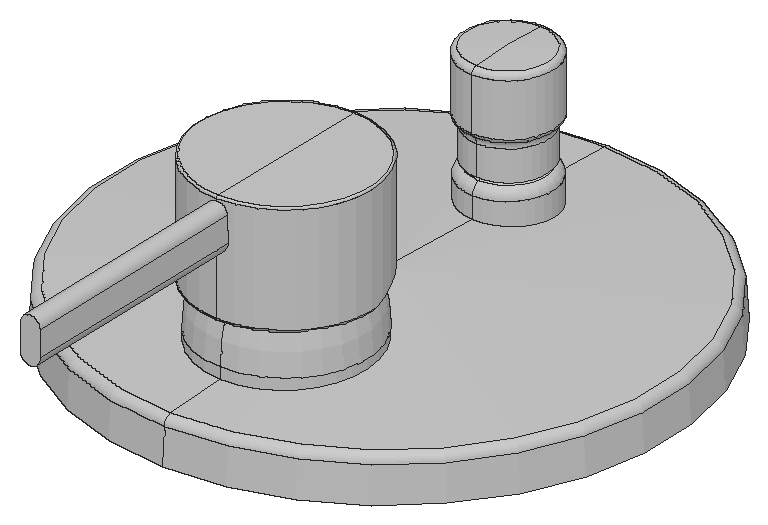
Revit family "Sanitary_Taps-mixers_hansgrohe_74415AUS-Zesis-S-Single-lever-bath-mixer_concealed-installation_iBox-universal", category Plumbing Fixtures, host Face, Revit 2022
Family settings
  Host = Face
  Round Connector Dimension = Use Diameter
  Part Type = Normal
  OmniClass Number = 23.31.11.00
  OmniClass Title = Faucets
  Cut with Voids When Loaded = Yes
  Maintain Annotation Orientation = No
  Shared = No
  Room Calculation Point = No
Parameters (values of type "003 Chrome")
  Version = 1  # constant formula
  URL = "https://www.hansgrohe.com/"
  Product data url = "https://www.bimobject.com/en/hansgrohe/product/74415AUS"
  Product Page URL = "https://www.hansgrohe.com/articledetail--74415003"
  Model = "74415AUS"  # constant formula
  Material 1 = Hansgrohe - Metal - 003 Chrome
  Manufacturer = "Hansgrohe"  # constant formula
  Description = "Zesis S Single lever bath mixer for concealed installation for iBox universal"  # constant formula
  Default Elevation = 0 mm
  Date Updated = ""
  Date Created = "2024/12/17"  # constant formula
Types (3, lengths in mm): name | Material 1
  (no name) | Hansgrohe - Metal - 003 Chrome
  003 Chrome | Hansgrohe - Metal - 003 Chrome
  673 Matt Black | Hansgrohe - Metal - 673 Matt Black
Reference planes
  plane 1 "Center (Front/Back)": y = 0
  plane 2: z = 0
  plane 3 "Center (Left/Right)": x = 0
Forms (mm)
  Revolve 1, solid, material "Hansgrohe - Metal - 003 Chrome" <- "Material 1", detail levels fine
    sketch origin (0, 0, 0) x (0, 1, 0) y (0, 0, 1)
      loop
        line (0, 0) -> (74.941, 0) -> (74.448, 9.406)
        arc (74.448, 9.406) -> (73.752, 11.01) -> (72.175, 11.765) r 2.5
        arc (72.175, 11.765) -> (36.124, 14.191) -> (0, 15) r 806.803
        line (0, 15) -> (0, 0)
      axis (0, 15) -> (0, 0)
    angle from 0 to 360
  Revolve 2, solid, material "Hansgrohe - Metal - 003 Chrome" <- "Material 1", detail levels fine
    sketch origin (0, 0, 0) x (0, 1, 0) y (0, 0, 1)
      loop
        line (39.952, 4.9) -> (51.743, 4.9) -> (51.743, 19.4)
        arc (51.743, 19.4) -> (51.225, 21.078) -> (49.852, 22.174) r 2.98
        line (49.852, 22.174) -> (47.186, 23.222) -> (50.452, 23.222) -> (50.452, 31.222)
        arc (50.452, 31.222) -> (50.75, 32.456) -> (51.577, 33.419) r 2.707
        arc (51.577, 33.419) -> (51.883, 33.774) -> (51.993, 34.23) r 1
        line (51.993, 34.23) -> (51.993, 48.354)
        arc (51.993, 48.354) -> (51.594, 49.372) -> (50.611, 49.849) r 1.5
        arc (50.611, 49.849) -> (45.286, 50.165) -> (39.952, 50.27) r 135.292
        line (39.952, 50.27) -> (39.952, 4.9)
      axis (39.952, 4.9) -> (39.952, 50.27)
    angle from 0 to 360
  Revolve 3, solid, material "Hansgrohe - Metal - 003 Chrome" <- "Material 1", detail levels fine
    sketch origin (0, 0, 0) x (0, 1, 0) y (0, 0, 1)
      loop
        line (-34.048, 8.388) -> (-12.298, 8.388) -> (-12.298, 15.388)
        arc (-12.298, 15.388) -> (-13.657, 25.86) -> (-17.645, 35.638) r 41.02
        line (-17.645, 35.638) -> (-34.048, 35.638) -> (-34.048, 8.388)
      axis (-34.048, 35.638) -> (-34.048, 8.388)
    angle from 0 to 360
  Extrusion 4, void
    sketch origin (0, 0, 0) x (0, 1, 0) y (0, 0, 1)
      loop
        line (0, 37.41) -> (-39.523, 25.326) -> (0, 25.326) -> (0, 37.41)
    from -25 to 25
  Revolve 5, solid, material "Hansgrohe - Metal - 003 Chrome" <- "Material 1", detail levels fine
    sketch origin (0, 0, 0) x (0, 1, 0) y (0, 0, 1)
      loop
        line (-34.048, 27) -> (-11.548, 27)
        arc (-11.548, 27) -> (-11.194, 27.146) -> (-11.048, 27.5) r 0.5
        line (-11.048, 27.5) -> (-11.048, 56.138)
        arc (-11.048, 56.138) -> (-11.194, 56.492) -> (-11.548, 56.638) r 0.5
        line (-11.548, 56.638) -> (-34.048, 56.638) -> (-34.048, 27)
      axis (-34.048, 56.638) -> (-34.048, 27)
    angle from 0 to 360
  Sweep 6, solid, material "Hansgrohe - Metal - 003 Chrome" <- "Material 1", detail levels fine
    path origin (0, 0, 0) x (0, 1, 0) y (0, 0, 1)
      loop
        line (-118.95, 49.596) -> (-33.95, 49.596)
    profile origin (0, -118.95, 49.596) x (0, 0, 1) y (1, 0, 0)
      loop
        line (-3.298, -2.749) -> (3.315, -2.634)
        arc (3.315, -2.634) -> (5.904, 0) -> (3.315, 2.634) r 2.634
        line (3.315, 2.634) -> (-3.298, 2.749)
        arc (-3.298, 2.749) -> (-6.096, 0) -> (-3.298, -2.749) r 2.75
  Revolve 7, solid, material "Hansgrohe - Metal - 003 Chrome" <- "Material 1", detail levels coarse+medium
    sketch origin (0, 0, 0) x (0, 1, 0) y (0, 0, 1)
      loop
        line (0, 0) -> (74.941, 0) -> (74.941, 15) -> (0, 15) -> (0, 0)
      axis (0, 15) -> (0, 0)
    angle from 0 to 360
  Revolve 8, solid, material "Hansgrohe - Metal - 003 Chrome" <- "Material 1", detail levels medium
    sketch origin (0, 0, 0) x (0, 1, 0) y (0, 0, 1)
      loop
        line (39.952, 4.9) -> (51.743, 4.9) -> (51.743, 19.4) -> (47.186, 23.222) -> (50.452, 23.222) -> (50.452, 31.222) -> (51.993, 34.23) -> (51.993, 50.27) -> (39.952, 50.27) -> (39.952, 4.9)
      axis (39.952, 4.9) -> (39.952, 50.27)
    angle from 0 to 360
  Revolve 9, solid, material "Hansgrohe - Metal - 003 Chrome" <- "Material 1", detail levels medium
    sketch origin (0, 0, 0) x (0, 1, 0) y (0, 0, 1)
      loop
        line (-34.048, 8.388) -> (-12.301, 8.388) -> (-12.301, 27) -> (-11.048, 27) -> (-11.048, 56.638) -> (-34.048, 56.638) -> (-34.048, 8.388)
      axis (-34.048, 56.638) -> (-34.048, 8.388)
    angle from 0 to 360
  Sweep 10, solid, material "Hansgrohe - Metal - 003 Chrome" <- "Material 1", detail levels coarse+medium
    path origin (0, 0, 0) x (0, 1, 0) y (0, 0, 1)
      loop
        line (-118.95, 49.596) -> (-33.95, 49.596)
    profile origin (0, -118.95, 49.596) x (0, 0, 1) y (1, 0, 0)
      loop
        line (-6.096, -2.749) -> (5.904, -2.749) -> (5.904, 2.749) -> (-6.096, 2.749) -> (-6.096, -2.749)
  Revolve 11, solid, material "Hansgrohe - Metal - 003 Chrome" <- "Material 1", detail levels coarse
    sketch origin (0, 0, 0) x (0, 1, 0) y (0, 0, 1)
      loop
        line (39.952, 4.9) -> (51.743, 4.9) -> (51.743, 50.27) -> (39.952, 50.27) -> (39.952, 4.9)
      axis (39.952, 4.9) -> (39.952, 50.27)
    angle from 0 to 360
  Revolve 12, solid, material "Hansgrohe - Metal - 003 Chrome" <- "Material 1", detail levels coarse
    sketch origin (0, 0, 0) x (0, 1, 0) y (0, 0, 1)
      loop
        line (-34.048, 8.388) -> (-11.048, 8.388) -> (-11.048, 56.638) -> (-34.048, 56.638) -> (-34.048, 8.388)
      axis (-34.048, 56.638) -> (-34.048, 8.388)
    angle from 0 to 360
Cuts and joins
  Extrusion 4 cuts Revolve 5
  joined: Revolve 3, Revolve 5, Sweep 6
Lines and regions (mm)
  Masking region 1
    outline origin (0, 0, 0) x (0, 1, 0) y (0, 0, 1)
      loop
        arc (28.327, 33.419) -> (29.154, 32.456) -> (29.452, 31.222) r 2.707
        line (29.452, 31.222) -> (29.452, 23.222) -> (32.718, 23.222) -> (30.052, 22.174)
        arc (30.052, 22.174) -> (28.679, 21.078) -> (28.161, 19.4) r 2.98
        line (28.161, 19.4) -> (28.161, 14.508)
        arc (28.161, 14.508) -> (14.083, 14.877) -> (0, 15) r 806.803
        arc (0, 15) -> (-6.151, 14.977) -> (-12.301, 14.906) r 806.803
        arc (-12.301, 14.906) -> (-13.194, 23.913) -> (-16.04, 32.506) r 41.02
        line (-16.04, 32.506) -> (-11.048, 34.032) -> (-11.048, 56.138)
        arc (-11.048, 56.138) -> (-11.194, 56.492) -> (-11.548, 56.638) r 0.5
        line (-11.548, 56.638) -> (-34.048, 56.638) -> (-57.048, 56.638) -> (-57.048, 55.5) -> (-118.95, 55.5) -> (-118.95, 43.5) -> (-57.048, 43.5) -> (-57.048, 26.995) -> (-54.122, 26.995)
        arc (-54.122, 26.995) -> (-55.526, 20.103) -> (-55.733, 13.073) r 41.02
        arc (-55.733, 13.073) -> (-63.957, 12.461) -> (-72.175, 11.765) r 806.803
        arc (-72.175, 11.765) -> (-73.752, 11.01) -> (-74.448, 9.406) r 2.5
        line (-74.448, 9.406) -> (-74.941, 0) -> (0, 0) -> (74.941, 0) -> (74.448, 9.406)
        arc (74.448, 9.406) -> (73.752, 11.01) -> (72.175, 11.765) r 2.5
        arc (72.175, 11.765) -> (61.964, 12.617) -> (51.743, 13.339) r 806.803
        line (51.743, 13.339) -> (51.743, 19.4)
        arc (51.743, 19.4) -> (51.225, 21.078) -> (49.852, 22.174) r 2.98
        line (49.852, 22.174) -> (47.186, 23.222) -> (50.452, 23.222) -> (50.452, 31.222)
        arc (50.452, 31.222) -> (50.75, 32.456) -> (51.577, 33.419) r 2.707
        arc (51.577, 33.419) -> (51.883, 33.774) -> (51.993, 34.23) r 1
        line (51.993, 34.23) -> (51.993, 48.354)
        arc (51.993, 48.354) -> (51.594, 49.372) -> (50.611, 49.849) r 1.5
        arc (50.611, 49.849) -> (45.286, 50.165) -> (39.952, 50.27) r 135.292
        arc (39.952, 50.27) -> (34.618, 50.165) -> (29.293, 49.849) r 135.292
        arc (29.293, 49.849) -> (28.31, 49.372) -> (27.911, 48.354) r 1.5
        line (27.911, 48.354) -> (27.911, 34.23)
        arc (27.911, 34.23) -> (28.021, 33.774) -> (28.327, 33.419) r 1
  Masking region 2
    outline origin (0, 0, 0) x (1, 0, 0) y (0, 0, 1)
      loop
        line (0, 56.638) -> (-22.5, 56.638)
        arc (-22.5, 56.638) -> (-22.854, 56.492) -> (-23, 56.138) r 0.5
        line (-23, 56.138) -> (-23, 27.5)
        arc (-23, 27.5) -> (-22.854, 27.146) -> (-22.5, 27) r 0.5
        line (-22.5, 27) -> (-20.072, 27)
        arc (-20.072, 27) -> (-21.376, 20.917) -> (-21.744, 14.707) r 41.02
        arc (-21.744, 14.707) -> (-46.983, 13.631) -> (-72.175, 11.765) r 806.803
        arc (-72.175, 11.765) -> (-73.752, 11.01) -> (-74.448, 9.406) r 2.5
        line (-74.448, 9.406) -> (-74.941, 0) -> (0, 0) -> (74.941, 0) -> (74.448, 9.406)
        arc (74.448, 9.406) -> (73.752, 11.01) -> (72.175, 11.765) r 2.5
        arc (72.175, 11.765) -> (46.983, 13.631) -> (21.744, 14.707) r 806.803
        arc (21.744, 14.707) -> (21.376, 20.917) -> (20.072, 27) r 41.02
        line (20.072, 27) -> (22.5, 27)
        arc (22.5, 27) -> (22.854, 27.146) -> (23, 27.5) r 0.5
        line (23, 27.5) -> (23, 56.138)
        arc (23, 56.138) -> (22.854, 56.492) -> (22.5, 56.638) r 0.5
        line (22.5, 56.638) -> (0, 56.638)
  Masking region 3
    outline origin (0, 0, 0) x (1, 0, 0) y (0, 1, 0)
      loop
        arc (2.75, -74.891) -> (0, 74.941) -> (-2.75, -74.891) r 74.941
        line (-2.75, -74.891) -> (-2.75, -118.95) -> (2.75, -118.95) -> (2.75, -74.891)
  symbolic lines, detail levels medium+fine
    curve 1: line (0, -34.063, 26.995) -> (0, -54.122, 26.995)
    curve 2: line (0, -16.04, 32.506) -> (0, -34.063, 26.995)
    curve 3: line (0, -57.048, 43.5) -> (0, -57.048, 55.5)
    curve 4: arc (0, -55.733, 13.073) -> (0, -34.029, 14.282) -> (0, -12.301, 14.906) r 806.803
    curve 5: arc (0, 51.743, 13.339) -> (0, 39.956, 14.01) -> (0, 28.161, 14.508) r 806.803
    curve 6: line (0, 47.186, 23.222) -> (0, 32.718, 23.222)
    curve 8: circle (0, -33.95, 0) r 23 normal (0, 0, 1)
    curve 9: circle (0, 39.952, 0) r 12.041 normal (0, 0, 1)
    curve 10: line (-2.634, -74.936, 0) -> (-2.634, -56.799, 0)
    curve 11: line (2.75, -74.891, 0) -> (2.75, -56.786, 0)
    curve 12: spline (11.272, 0, 33.115) -> (12.915, 0, 32.807) -> (14.464, 0, 32.461) -> (15.911, 0, 32.079) -> (17.243, 0, 31.662) -> (18.453, 0, 31.215) -> (19.531, 0, 30.74) -> (20.471, 0, 30.24) -> (21.265, 0, 29.72) -> (21.908, 0, 29.181) -> (22.397, 0, 28.629) -> (22.727, 0, 28.067) -> (22.896, 0, 27.499)
    curve 13: line (-12.041, 0, 48.354) -> (-12.041, 0, 34.23)
    curve 14: arc (-12.041, 0, 34.23) -> (-11.931, 0, 33.774) -> (-11.625, 0, 33.419) r 1
    curve 15: arc (-11.625, 0, 33.419) -> (-10.798, 0, 32.456) -> (-10.5, 0, 31.222) r 2.707
    curve 16: line (-10.5, 0, 31.222) -> (-10.5, 0, 23.222)
    curve 17: line (-10.5, 0, 23.222) -> (-7.234, 0, 23.222)
    curve 18: line (-7.234, 0, 23.222) -> (-9.9, 0, 22.174)
    curve 19: arc (-9.9, 0, 22.174) -> (-11.273, 0, 21.078) -> (-11.791, 0, 19.4) r 2.98
    curve 20: line (-11.791, 0, 19.4) -> (-11.791, 0, 13.914)
    curve 21: arc (0, 0, 50.27) -> (-5.334, 0, 50.165) -> (-10.659, 0, 49.849) r 135.292
    curve 22: arc (-10.659, 0, 49.849) -> (-11.642, 0, 49.372) -> (-12.041, 0, 48.354) r 1.5
    curve 23: line (-7.234, 0, 23.222) -> (0, 0, 23.222)
    curve 24: spline (20.051, 0, 27) -> (19.871, 0, 27.463) -> (19.568, 0, 27.92) -> (19.144, 0, 28.368) -> (18.601, 0, 28.806) -> (17.943, 0, 29.23) -> (17.174, 0, 29.637) -> (16.298, 0, 30.026) -> (15.321, 0, 30.394) -> (14.248, 0, 30.738) -> (13.087, 0, 31.056) -> (11.845, 0, 31.347) -> (10.528, 0, 31.609)
    curve 25: spline (-10.528, 0, 31.609) -> (-11.845, 0, 31.347) -> (-13.087, 0, 31.056) -> (-14.248, 0, 30.738) -> (-15.321, 0, 30.394) -> (-16.298, 0, 30.026) -> (-17.174, 0, 29.637) -> (-17.943, 0, 29.23) -> (-18.601, 0, 28.806) -> (-19.144, 0, 28.368) -> (-19.568, 0, 27.92) -> (-19.871, 0, 27.463) -> (-20.051, 0, 27)
    curve 26: line (12.041, 0, 48.354) -> (12.041, 0, 34.23)
    curve 27: arc (12.041, 0, 34.23) -> (11.931, 0, 33.774) -> (11.625, 0, 33.419) r 1
    curve 28: arc (11.625, 0, 33.419) -> (10.798, 0, 32.456) -> (10.5, 0, 31.222) r 2.707
    curve 29: line (10.5, 0, 31.222) -> (10.5, 0, 23.222)
    curve 30: line (10.5, 0, 23.222) -> (7.234, 0, 23.222)
    curve 31: line (7.234, 0, 23.222) -> (9.9, 0, 22.174)
    curve 32: arc (9.9, 0, 22.174) -> (11.273, 0, 21.078) -> (11.791, 0, 19.4) r 2.98
    curve 33: line (11.791, 0, 19.4) -> (11.791, 0, 13.914)
    curve 34: arc (0, 0, 50.27) -> (5.334, 0, 50.165) -> (10.659, 0, 49.849) r 135.292
    curve 35: arc (10.659, 0, 49.849) -> (11.642, 0, 49.372) -> (12.041, 0, 48.354) r 1.5
    curve 36: line (7.234, 0, 23.222) -> (0, 0, 23.222)
    curve 37: spline (-11.272, 0, 33.115) -> (-12.915, 0, 32.807) -> (-14.464, 0, 32.461) -> (-15.911, 0, 32.079) -> (-17.243, 0, 31.662) -> (-18.453, 0, 31.215) -> (-19.531, 0, 30.74) -> (-20.471, 0, 30.24) -> (-21.265, 0, 29.72) -> (-21.908, 0, 29.181) -> (-22.397, 0, 28.629) -> (-22.727, 0, 28.067) -> (-22.896, 0, 27.499)
    curve 38: arc (21.744, 0, 14.707) -> (16.768, 0, 14.826) -> (11.791, 0, 14.914) r 806.803
    curve 39: arc (11.791, 0, 13.914) -> (0, 0, 14.279) -> (-11.791, 0, 13.914) r 190.75
    curve 40: arc (-11.791, 0, 14.914) -> (-16.768, 0, 14.826) -> (-21.744, 0, 14.707) r 806.803
  symbolic lines, detail levels fine
    curve 7: line (0, 51.993, 34.23) -> (0, 27.911, 34.23)
Dimensions and locks
  aligned and locked: plane 2 to host face
  aligned and locked: level to host face
